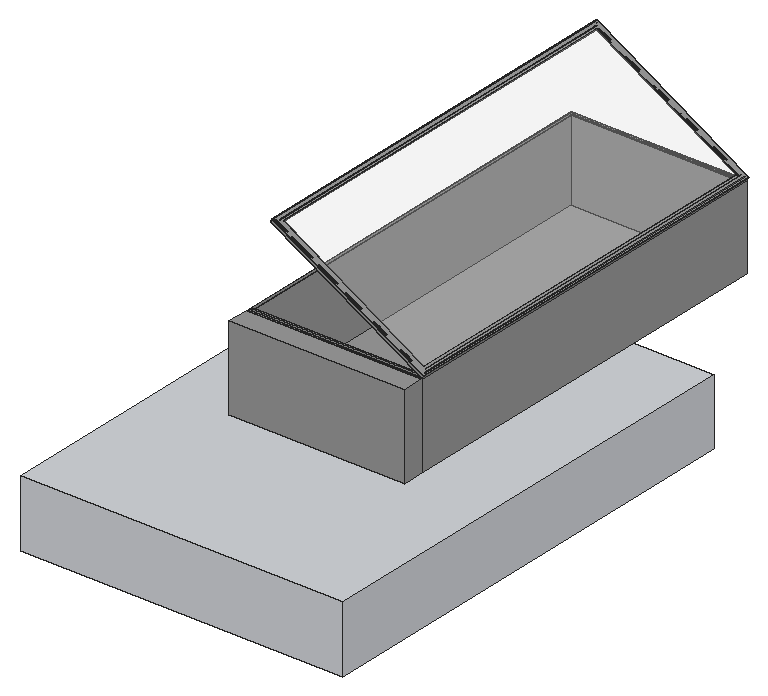
Revit family "Hager-Univers-IP55-D400-H1950-Cl.I-Steel_encl-DE-de", category Equipement électrique, Revit 2020
Family settings
  Hôte = Face
  Configuration du panneau = Deux colonnes, circuits au sein
  Cote de connecteur circulaire = Utiliser le diamètre
  Type d'élément = Tableau de raccordement
  Couper avec des vides une fois chargée = Non
  Partagée = Non
  Point de calcul de pièce = Non
Parameters (values of type "Bodenaufstellung IP55 B800 H1950 T400  - FR23V1")
  Width Control [instance] = if([EF000008 - Breite] > Min Width, [EF000008 - Breite], Min Width)  # 800 mm
  Commentaires du type = [HG000003 - Bereich]  # "Univers"
  Thickness Door [instance] = if([EF009171 - Materialstärke Tür/Deckel] > 3 mm, 3 mm, [EF009171 - Materialstärke Tür/Deckel])  # 1.5 mm
  Seal Frame Offset [instance] = 17 mm  # constant formula
  Plinth Visibility [instance] = [HG000027 - Sockelhöhe] > 0 mm  # yes
  Model = ""
  Min Width [instance] = 100 mm  # constant formula
  Min Height [instance] = 100 mm  # constant formula
  Min Depth [instance] = (2 * [EF009170 - Materialstärke Gehäuse]) + 1 mm  # 4 mm
  Internal Frame Depth [instance] = (Door System Depth * 0.5)  # 9 mm
  Height Control [instance] = if([EF000040 - Höhe] > Min Height, [EF000040 - Höhe], Min Height)  # 1950 mm
  HG000027 - Sockelhöhe = 100 mm
  HG000026 - Stehend auf dem Boden = yes
  HG000024 - Höhe des unteren Teils = 800 mm
  HG000023 - Gehäuse mit doppeltem Querschnitt = no
  HG000016 - 3D-Türsichtbarkeit [instance] = yes
  HG000015 - Sichtbarkeit der Türöffnung [instance] = no
  HG000014 - Tür rechts [instance] = yes
  HG000013 - Tür links [instance] = not([HG000014 - Tür rechts])  # no
  HG000012 - Türschwenkwinkel [instance] = 30.00°
  HG000010 - Asymmetrische Türen = no
  HG000009 - Doppelflügeligen Tür = no
  HG000006 - Unterputz = no
  HG000004 - Herstellerreferenz = "FR23V1"
  HG000003 - Bereich = "Univers"
  HG000002 - Mit tür = yes
  Frame Offset Bottom [instance] = 10 mm  # constant formula
  Frame Offset [instance] = 15 mm  # constant formula
  EF015940 - Deckel mit Überdruckentlastung = no
  EF011959 - Schutzart (NEMA) = ""
  EF009554 - Anzahl der Öffnungen für Flanschplatten = 6
  Fabricant = "Hager"  # constant formula
  EF009212 - Ausführung Deckel = "EV000116 - geschlossen"
  EF009171 - Materialstärke Tür/Deckel = 1.5 mm
  EF009170 - Materialstärke Gehäuse = 1.5 mm
  EF008873 - Nennstrom (In) = 800 A
  EF007800 - Geeignet für Blitzschutz = no
  EF006306 - Mit Schloss = no
  EF006244 - Transparenter Deckel/Tür = yes
  EF005474 - Schutzart (IP) = "EV006420 - IP55"
  EF004464 - Art der Tür = "EV002646 - Einzel"
  EF004427 - Anzahl der Module = 432
  EF004293 - Schlagfestigkeit = "EV008784 - IK10"
  EF003532 - Geeignet für Außengebrauch = no
  EF002950 - Breite in Teilungseinheiten = 24
  EF001613 - Funktionserhalt = "EV000494 - ohne"
  EF001596 - Werkstoff des Gehäuses = "EV000179 - Stahl"
  EF001131 - Innentiefe = 400 mm
  EF001088 - Anbaumöglichkeit = yes
  EF000437 - Anzahl der Leitungseinführungen = 6
  EF000339 - Art der Abdeckung = "EV004216 - Tür"
  EF000266 - Anzahl der Reihen = 12
  EF000218 - Einbautiefe = 0 mm
  EF000118 - Mit Montageplatte = no
  EF000116 - RAL-Nummer = "7035"
  EF000049 - Tiefe = 400 mm
  EF000040 - Höhe = 1950 mm
  EF000008 - Breite = 800 mm
  EF000007 - Farbe = "EV000270 - grau"
  EF000003 - Montageart = "EV012274 - Bodenaufstellung"
  Door System Leaf Tolerance [instance] = 1.5 mm  # constant formula
  Door System Depth [instance] = 18 mm  # constant formula
  Door Height [instance] = Height Control - [HG000027 - Sockelhöhe]  # 1850 mm
  Depth Control [instance] = if([EF000049 - Tiefe] > Min Depth, [EF000049 - Tiefe], Min Depth)  # 400 mm
  Default Elevation = 0 mm
  Connector Offset [instance] = Height Control / 2  # 975 mm
  Bottom Top Plate Trim [instance] = 1.5 mm  # constant formula
  Plinth height Ctrl [instance] = if([HG000027 - Sockelhöhe] > 0 mm, [HG000027 - Sockelhöhe], 12 mm)  # 100 mm
Types (11, lengths in mm): name | Width Control | HG000010 - Asymmetrische Türen | HG000009 - Doppelflügeligen Tür | HG000004 - Herstellerreferenz | EF009554 - Anzahl der Öffnungen für Flanschplatten | EF006244 - Transparenter Deckel/Tür | EF004464 - Art der Tür | EF004427 - Anzahl der Module | EF000437 - Anzahl der Leitungseinführungen | EF000008 - Breite
  Bodenaufstellung IP55 B1050 H1950 T400  - FR24G1 | 1050 | yes | yes | "FR24G1" | 8 | no | "EV003602 - Doppel" | 576 | 8 | 1050
  Bodenaufstellung IP55 B1050 H1950 T400  - FR24V1 | 1050 | yes | yes | "FR24V1" | 8 | yes | "EV003602 - Doppel" | 576 | 8 | 1050
  Bodenaufstellung IP55 B1300 H1950 T400  - FR25G1 | 1300 | yes | yes | "FR25G1" | 10 | no | "EV003602 - Doppel" | 720 | 10 | 1300
  Bodenaufstellung IP55 B1300 H1950 T400  - FR25V1 | 1300 | yes | yes | "FR25V1" | 10 | yes | "EV003602 - Doppel" | 720 | 10 | 1300
  Bodenaufstellung IP55 B1550 H1950 T400  - FR26G1 | 1550 | yes | yes | "FR26G1" | 12 | no | "EV003602 - Doppel" | 864 | 12 | 1550
  Bodenaufstellung IP55 B1550 H1950 T400  - FR26V1 | 1550 | yes | yes | "FR26V1" | 12 | yes | "EV003602 - Doppel" | 864 | 12 | 1550
  Bodenaufstellung IP55 B300 H1950 T400  - FR21G1 | 300 | no | no | "FR21G1" | 2 | no | "EV002646 - Einzel" | 144 | 2 | 300
  Bodenaufstellung IP55 B550 H1950 T400  - FR22G1 | 550 | no | no | "FR22G1" | 4 | no | "EV002646 - Einzel" | 288 | 4 | 550
  Bodenaufstellung IP55 B550 H1950 T400  - FR22V1 | 550 | no | no | "FR22V1" | 4 | yes | "EV002646 - Einzel" | 288 | 4 | 550
  Bodenaufstellung IP55 B800 H1950 T400  - FR23G1 | 800 | no | no | "FR23G1" | 6 | no | "EV002646 - Einzel" | 432 | 6 | 800
  Bodenaufstellung IP55 B800 H1950 T400  - FR23V1 | 800 | no | no | "FR23V1" | 6 | yes | "EV002646 - Einzel" | 432 | 6 | 800
Reference planes
  plane 1 "Center (Front/Back)": y = 0
  plane 2: z = 0
  plane 3 "Center (Left/Right)": x = 0
  plane 4: z = 400
  plane 5: y = 101.5
  plane 6: y = 1025
  plane 7: y = 100
  plane 8: y = 1950
  plane 9: z = 0
  plane 10: x = -385
  plane 11: x = 385
  plane 12: x = 383.5
  plane 13: x = -383.5
  plane 14: y = 1948.5
  plane 15: x = -383
  plane 16: x = -400
  plane 17: x = 383
  plane 18: x = 400
  plane 19: x = 398.5
  plane 20: x = -398.5
  plane 21: y = 111.5
  plane 22: y = 1950
  plane 23: y = 1933.5
  plane 24: z = 382
  plane 25: z = 1.5
  plane 26: z = 380.5
  plane 27: z = 398.5
Forms (mm)
  Extrusion 1, solid
    sketch origin (0, 0, 0) x (1, 0, 0) y (0, 1, 0)
      loop
        line (-702.964, 1305) -> (-702.964, -811.445) -> (766.763, -811.445) -> (766.763, 1305) -> (-702.964, 1305)
    from 0 to -304.8
  Extrusion 2, solid, material "Hager_Steel_RAL7035_Light_Grey", visible <- "Plinth Visibility", detail levels medium+fine
    sketch origin (0, 0, 0) x (1, 0, 0) y (0, 1, 0)
      loop
        line (-400, 0) -> (400, 0) -> (400, 100) -> (-400, 100) -> (-400, 0)
    from 0 to 382
  Extrusion 3, solid, material "Hager_Steel_RAL7035_Light_Grey", detail levels medium+fine
    sketch origin (0, 0, 0) x (1, 0, 0) y (0, 1, 0)
      loop
        line (-400, 100) -> (400, 100) -> (400, 1950) -> (-400, 1950) -> (-400, 100)
    from 0 to 382
  Extrusion 4, void
    sketch origin (0, 0, 0) x (1, 0, 0) y (0, 1, 0)
      loop
        line (-398.5, 101.5) -> (398.5, 101.5) -> (398.5, 1948.5) -> (-398.5, 1948.5) -> (-398.5, 101.5)
    from 1.5 to 380.5
  Extrusion 5, void
    sketch origin (-381.607, -4572, 382) x (0, -1, 0) y (-1, 0, 0)
      loop
        line (-4683.5, 1.893) -> (-6505.5, 1.893) -> (-6505.5, -765.107) -> (-4683.5, -765.107) -> (-4683.5, 1.893)
    from 0 to 1.5 <- "EF009170 - Materialstärke Gehäuse"
  Extrusion 6, solid, material "Hager_Steel_RAL7035_Light_Grey", detail levels fine
    sketch origin (0, 0, 382) x (1, 0, 0) y (0, 1, 0)
      loop
        line (-383.5, 1933.5) -> (-383.5, 111.5) -> (383.5, 111.5) -> (383.5, 1933.5) -> (-383.5, 1933.5)
      loop
        line (-385, 110) -> (385, 110) -> (385, 1935) -> (-385, 1935) -> (-385, 110)
    from 0 to 9 <- "Internal Frame Depth"
  Extrusion 7, solid, material "Hager_Steel_RAL7035_Light_Grey", detail levels coarse
    sketch origin (0, 0, 0) x (1, 0, 0) y (0, 1, 0)
      loop
        line (-400, 0) -> (400, 0) -> (400, 1950) -> (-400, 1950) -> (-400, 0)
    from 0 to 400
  Sweep 8, void
    path in 3D
      loop
        line (-400, 100, 0) -> (400, 100, 0) -> (400, 100, 382) -> (-400, 100, 382) -> (-400, 100, 0)
    profile origin (-400, 100, 191) x (-1, 0, 0) y (0, -1, 0)
      loop
        line (0, 0) -> (0, 1.5) -> (-1.5, 1.5)
        arc (-1.5, 1.5) -> (-1.061, 0.439) -> (0, 0) r 1.5
Cuts and joins
  Extrusion 4, Extrusion 5 cuts Extrusion 3
  Sweep 8 cuts Extrusion 2
Lines and regions (mm)
  Masking region 1
    outline origin (0, 0, 0) x (1, 0, 0) y (0, 0, 1)
      loop
        line (-400, 400) -> (-400, 0) -> (400, 0) -> (400, 400) -> (-400, 400)
  Masking region 2, detail levels medium+fine
    outline origin (0, 140, 0) x (0, 1, 0) y (0, 0, 1)
      loop
        line (-40, 0) -> (1810, 0) -> (1810, 382) -> (-40, 382) -> (-40, 0)
  Masking region 3, not visible, detail levels medium+fine
    outline origin (0, 297.922, 0) x (0, 1, 0) y (0, 0, 1)
      loop
        line (738.578, 0) -> (778.578, 0) -> (778.578, 388.5)
        arc (778.578, 388.5) -> (775.649, 395.571) -> (768.578, 398.5) r 10
        line (768.578, 398.5) -> (738.578, 398.5) -> (738.578, 0)
  Masking region 4, detail levels coarse
    outline origin (0, 0, 180) x (0, 1, 0) y (0, 0, 1)
      loop
        line (0, -180) -> (1950, -180) -> (1950, 220) -> (0, 220) -> (0, -180)
  Masking region 5, visible <- "Plinth Visibility", detail levels medium+fine
    outline origin (0, 52.24, 12.345) x (0, 0, -1) y (0, 1, 0)
      loop
        line (10.845, 47.76) -> (-368.155, 47.76)
        arc (-368.155, 47.76) -> (-368.594, 46.699) -> (-369.655, 46.26) r 1.5
        line (-369.655, 46.26) -> (-369.655, -52.24) -> (12.345, -52.24) -> (12.345, 46.26)
        arc (12.345, 46.26) -> (11.285, 46.699) -> (10.845, 47.76) r 1.5
  Masking region 6, detail levels medium+fine
    outline origin (-381.607, -4572, 382) x (-1, 0, 0) y (0, -1, 0)
      loop
        line (18.393, -6522) -> (18.393, -4672) -> (-781.607, -4672) -> (-781.607, -6522) -> (18.393, -6522)
  Masking region 7, visible <- "Plinth Visibility", detail levels medium+fine
    outline origin (-381.607, -4727, 382) x (-1, 0, 0) y (0, -1, 0)
      loop
        arc (16.893, -4827) -> (17.332, -4825.939) -> (18.393, -4825.5) r 1.5
        line (18.393, -4825.5) -> (18.393, -4727) -> (-781.607, -4727) -> (-781.607, -4825.5)
        arc (-781.607, -4825.5) -> (-780.546, -4825.939) -> (-780.107, -4827) r 1.5
        line (-780.107, -4827) -> (16.893, -4827)
  Masking region 8, detail levels coarse
    outline origin (-442.548, -4669.526, 382) x (-1, 0, 0) y (0, -1, 0)
      loop
        line (-42.548, -6619.526) -> (-42.548, -4669.526) -> (-842.548, -4669.526) -> (-842.548, -6619.526) -> (-42.548, -6619.526)
  sketch lines
    curve 1: line (-400, 100, 382) -> (-400, 100, 0)
    curve 2: line (400, 100, 382) -> (-400, 100, 382)
    curve 3: line (400, 100, 382) -> (400, 100, 0)
    curve 4: line (-400, 100, 0) -> (400, 100, 0)
Dimensions and locks
  "Depth Control": plane 4 to Extrusion 1
  "HG000027 - Sockelhöhe": plane 1 "Center (Front/Back)" to plane 7
  "EF009170 - Materialstärke Gehäuse": plane 5 to plane 7
  locked: connector elem to plane 3 "Center (Left/Right)"
  equal spacing: plane 8, plane 6, plane 7
  locked: connector elem to plane 6
  "EF009170 - Materialstärke Gehäuse": plane 8 to plane 14
  "EF009170 - Materialstärke Gehäuse": plane 10 to plane 13
  "EF009170 - Materialstärke Gehäuse": plane 12 to plane 11
  "Frame Offset": plane 20 to plane 13
  "Frame Offset": plane 12 to plane 19
  "EF009170 - Materialstärke Gehäuse": plane 16 to plane 20
  "EF009170 - Materialstärke Gehäuse": plane 19 to plane 18
  "Seal Frame Offset": plane 16 to plane 15
  "Seal Frame Offset": plane 17 to plane 18
  "Frame Offset Bottom": plane 21 to plane 5
  "Frame Offset": plane 14 to plane 23
  equal spacing: plane 16, plane 3 "Center (Left/Right)", plane 18
  "Width Control": plane 16 to plane 18
  "EF009170 - Materialstärke Gehäuse": plane 4 to plane 27
  "EF009170 - Materialstärke Gehäuse": plane 24 to plane 26
  "EF009170 - Materialstärke Gehäuse": plane 25 to level
  "Door System Depth": plane 4 to plane 24
  "Height Control": plane 1 "Center (Front/Back)" to Extrusion 7 sketch curve
  "Height Control": Masking region 4 sketch curve to plane 1 "Center (Front/Back)"
  "Height Control": plane 1 "Center (Front/Back)" to plane 22
  "Bottom Top Plate Trim": profile plane to Sweep 8 sketch curve
  "Bottom Top Plate Trim": Sweep 8 sketch curve to profile plane
  "Plinth height Ctrl": plane 1 "Center (Front/Back)" to Extrusion 2 sketch curve
  "Plinth height Ctrl": Masking region 5 sketch curve to plane 1 "Center (Front/Back)"
  "Plinth height Ctrl": plane 1 "Center (Front/Back)" to Masking region 7 sketch curve
  "Thickness Door": Extrusion 6 sketch curve to Extrusion 6 sketch curve  (x3)
  "Thickness Door": cut or joined group of Extrusion 3, Extrusion 4, Extrusion 5 to Extrusion 6 sketch curve
  radius of Masking region 3 sketch curve = 10 mm
  "Bottom Top Plate Trim": radius of Masking region 5 sketch curve  (x2)
  "Bottom Top Plate Trim": radius of Sweep 8 sketch curve
  "Bottom Top Plate Trim": radius of Masking region 7 sketch curve  (x2)
  aligned and locked: plane 2 to Extrusion 1
  aligned and locked: level to Extrusion 1
  aligned and locked: level to Masking region 1 sketch curve
  aligned and locked: Masking region 1 sketch curve to plane 18
  aligned and locked: Masking region 1 sketch curve to plane 16
  aligned and locked: plane 7 to Masking region 2 sketch curve
  aligned and locked: level to Masking region 3 sketch curve
  aligned and locked: Masking region 3 sketch curve to plane 27
  aligned and locked: level to Masking region 2 sketch curve
  aligned and locked: plane 1 "Center (Front/Back)" to Extrusion 2 sketch curve
  aligned and locked: Extrusion 3 sketch curve to plane 7
  aligned and locked: plane 16 to Extrusion 3 sketch curve
  aligned and locked: plane 18 to Extrusion 3 sketch curve
  aligned and locked: plane 20 to Extrusion 4 sketch curve
  aligned and locked: plane 19 to Extrusion 4 sketch curve
  aligned and locked: Extrusion 4 sketch curve to plane 5
  aligned and locked: Extrusion 4 to plane 25
  aligned and locked: plane 26 to Extrusion 4
  aligned and locked: plane 24 to Extrusion 3
  aligned and locked: Extrusion 5 sketch curve to plane 21
  aligned and locked: Extrusion 5 sketch curve to plane 13
  aligned and locked: Extrusion 5 sketch curve to plane 12
  aligned and locked: plane 18 to Extrusion 7 sketch curve
  aligned and locked: plane 1 "Center (Front/Back)" to Extrusion 7 sketch curve
  aligned and locked: plane 16 to Extrusion 7 sketch curve
  aligned and locked: plane 4 to Extrusion 7
  aligned and locked: Extrusion 7 to level
  aligned and locked: level to Masking region 4 sketch curve
  aligned and locked: Masking region 4 sketch curve to plane 1 "Center (Front/Back)"
  aligned and locked: Masking region 4 sketch curve to plane 4
  aligned and locked: nested 1 to level
  aligned and locked: nested 1 to plane 16
  aligned and locked: plane 8 to Extrusion 3 sketch curve
  aligned and locked: plane 23 to Extrusion 5 sketch curve
  aligned and locked: plane 14 to Extrusion 4 sketch curve
  aligned and locked: Masking region 2 sketch curve to plane 8
  aligned and locked: level to Masking region 5 sketch curve
  aligned and locked: plane 16 to Extrusion 2 sketch curve
  aligned and locked: plane 18 to Extrusion 2 sketch curve
  aligned and locked: Masking region 5 sketch curve to plane 24
  aligned and locked: Masking region 2 sketch curve to plane 24
  aligned and locked: plane 24 to Extrusion 2
  aligned and locked: profile plane to Sweep 8 sketch curve  (x2)
  aligned and locked: Masking region 6 sketch curve to plane 18
  aligned and locked: Masking region 6 sketch curve to plane 22
  aligned and locked: Masking region 6 sketch curve to plane 16
  aligned and locked: plane 8 to plane 22
  aligned and locked: Masking region 6 sketch curve to plane 7
  aligned and locked: Masking region 7 sketch curve to plane 16
  aligned and locked: Masking region 7 sketch curve to plane 1 "Center (Front/Back)"
  aligned and locked: Masking region 7 sketch curve to plane 18
  aligned and locked: Masking region 8 sketch curve to plane 1 "Center (Front/Back)"
  aligned and locked: Masking region 8 sketch curve to plane 18
  aligned and locked: Masking region 8 sketch curve to plane 22
  aligned and locked: Masking region 8 sketch curve to plane 16
  aligned and locked: nested 2 to plane 7
  aligned and locked: plane 3 "Center (Left/Right)" to nested 2
  aligned and locked: nested 2 to plane 24
  aligned and locked: Extrusion 6 sketch curve to cut or joined group of Extrusion 3, Extrusion 4, Extrusion 5  (x4)
Automatic sketch dimensions
  Extrusion 1 sketch curve to Extrusion 1 sketch curve = 1469.727 mm
  Extrusion 1 sketch curve to Extrusion 1 sketch curve = 2116.445 mm
  Masking region 1 sketch curve to plane 4 = 0 mm
  plane 6 to Masking region 3 sketch curve = 11.5 mm
  Masking region 3 sketch curve to Masking region 3 sketch curve = 30 mm
  Masking region 5 sketch curve to plane 1 "Center (Front/Back)" = 0 mm
Nested families
  nested 1: "Hager_Enclosure_Symbol" at (-400, 0, 0) x (1, 0, 0) z (0, -1, 0), Height <- "Depth Control", Width <- "Width Control", type "Hager_Enclosure_Symbol"
    with Width_Ctrl 800 mm, Width 800 mm, Height_Ctrl 400 mm, Height 400 mm, A_Width_Int 26.25 mm, A_Width 315 mm, A_Height_Ctrl 350 mm, A_Height 350 mm
  nested 2: "EC000058_Univers_Door" at (0, 100, 382) x (1, 0, 0) z (0, 1, 0), Leaf_Tolerance <- "Door System Leaf Tolerance", Angle <- "HG000012 - Türschwenkwinkel", Door_Depth <- "Door System Depth", Door_Left <- "HG000013 - Tür links", Transparent <- "EF006244 - Transparenter Deckel/Tür", Assymetrical <- "HG000010 - Asymmetrische Türen", Width <- "Width Control", Clearance <- "HG000015 - Sichtbarkeit der Türöffnung", Double <- "HG000009 - Doppelflügeligen Tür", 3d_Door <- "HG000016 - 3D-Türsichtbarkeit", Lock_Visibility <- "EF006306 - Mit Schloss", Width_Ctrl <- "Width Control", Door_Right <- "HG000014 - Tür rechts", Door <- "HG000002 - Mit tür", Height <- "Door Height", Thickness <- "Thickness Door", type "EC000058_Univers_Door", detail levels medium+fine
    with min_wh 4 mm, Width_Ctrl 800 mm, Width 800 mm, Transparent yes, Thickness 1.5 mm, Seal_Material Hager_Rubber, Lock_Visibility no, Lock_Material Hager_Plastic_RAL9005_Jet_Black, Leaf_Width 800 mm, Leaf_Tolerance_External_Sides 0 mm, Leaf_Tolerance 1.5 mm, Leaf_Offset 0 mm, Leaf_Height 1847 mm, Leaf_2_Width 800 mm, Leaf_2_Offset 400 mm, Leaf_1_Width 800 mm, Leaf_1_Offset 400 mm, Height_Ctrl 1850 mm, Height 1850 mm, Glass_Material Hager_Glass, Double_Clearance_Ctrl no, Double no, Door_Right_Ctrl yes, Door_Right yes, Door_Material Hager_Steel_RAL7035_Light_Grey, Door_Left_Ctrl no, Door_Left no, Door_Depth 18 mm, Door yes, Clearance_Material Hager_Clearance, Clearance_Depth 800 mm, Clearance_Ctrl no, Clearance no, Assymetrical no, Angle 30.00°, 3d_Door yes
Connectors
  electrical at (0, 1025, 0)
    settings: on plane 9, index 1, voltage 0 V, apparent load 0 VA, apparent load phase1 0 VA, apparent load phase2 0 VA, apparent load phase3 0 VA, power factor 1, load classification "Other", number of poles 1, system type 30, power factor state 1, is connector primary yes, connector utility no, sub classification motor no, connector description ""
Definition of nested family "EC000058_Univers_Door"
  Parameters (values of type "EC000058_Univers_Door")
    min_wh [instance] = (2 * Thickness) + 1 mm  # 11 mm
    Width_Ctrl [instance] = 400 mm
    Width [instance] = 500 mm
    Transparent [instance] = yes
    Thickness [instance] = 5 mm
    Seal_Material [instance] = none
    Lock_Visibility [instance] = yes
    Lock_Material [instance] = none
    Leaf_Width [instance] = if((Width_Ctrl - 2 * Leaf_Tolerance_External_Sides) > 0 mm, (Width_Ctrl - 2 * Leaf_Tolerance_External_Sides), min_wh)  # 400 mm
    Leaf_Tolerance_External_Sides [instance] = 0 mm  # constant formula
    Leaf_Tolerance [instance] = 1.5 mm
    Leaf_Offset [instance] = 0 mm  # constant formula
    Leaf_Height [instance] = if((Height_Ctrl - 2 * Leaf_Tolerance) > 0 mm, (Height_Ctrl - 2 * Leaf_Tolerance), min_wh)  # 497 mm
    Leaf_2_Width [instance] = if(and(and(Double, Assymetrical), Door_Left), (Leaf_Width / 3) - (Leaf_Tolerance / 2), if(and(and(Double, Assymetrical), Door_Right), (Leaf_Width / 3) * 2 - (Leaf_Tolerance / 2), if(and(Double, not(Assymetrical)), (Leaf_Width / 2) - Leaf_Tolerance, Leaf_Width)))  # 400 mm
    Leaf_2_Offset [instance] = if(and(Double, Assymetrical), Leaf_2_Width / 2, if(and(Double, not(Assymetrical)), Leaf_Width / 4, Leaf_Width / 2))  # 200 mm
    Leaf_1_Width [instance] = if(and(and(Double, Assymetrical), Door_Right), (Leaf_Width / 3) - (Leaf_Tolerance / 2), if(and(and(Double, Assymetrical), Door_Left), (Width / 3) * 2 - (Leaf_Tolerance / 2), if(and(Double, not(Assymetrical)), (Leaf_Width / 2) - Leaf_Tolerance, Leaf_Width)))  # 400 mm
    Leaf_1_Offset [instance] = if(and(Double, Assymetrical), Leaf_1_Width / 2, if(and(Double, not(Assymetrical)), Leaf_Width / 4, Leaf_Width / 2))  # 200 mm
    Height_Ctrl [instance] = if(Height > min_wh, Height, min_wh)  # 500 mm
    Height [instance] = 500 mm
    Glass_Material [instance] = none
    Double_Clearance_Ctrl [instance] = and(Double, Clearance)  # no
    Double [instance] = no
    Door_Right_Ctrl [instance] = and(or(Door_Right, Double), Door)  # yes
    Door_Right [instance] = yes
    Door_Material [instance] = none
    Door_Left_Ctrl [instance] = and(or(Door_Left, Double), Door)  # no
    Door_Left [instance] = no
    Door_Depth [instance] = 30 mm
    Door [instance] = yes
    Default Elevation = 1219.2 mm
    Clearance_Material [instance] = none
    Clearance_Depth [instance] = if(Leaf_1_Width > Leaf_2_Width, Leaf_1_Width, Leaf_2_Width)  # 400 mm
    Clearance_Ctrl [instance] = and(not(Double), Clearance)  # yes
    Clearance [instance] = yes
    Assymetrical [instance] = yes
    Angle [instance] = 30.00°
    3d_Door [instance] = yes
  Reference planes
    plane 1 "Center (Front/Back)": y = 0
    plane 2 "Bottom": z = 0
    plane 3 "Center (Left/Right)": x = 0
    plane 4: z = 500
    plane 5: x = -200
    plane 6: x = 200
    plane 7: z = 500
    plane 8: x = -200
    plane 9: z = 0
    plane 10: x = 200
    plane 11: y = 0
    plane 12: z = 1.5
    plane 13: x = -600
    plane 14: y = -400
    plane 15: x = 600
    plane 16: x = 0
    plane 17: x = 0
    plane 18: x = -200
    plane 19: x = 200
    plane 20: z = 498.5
  Forms (mm)
    Extrusion 1, solid, material <- "Clearance_Material", visible <- "Double_Clearance_Ctrl"
      sketch origin (1200, 0, 0) x (1, 0, 0) y (0, 0, -1)
        loop
          line (-1800, -498.5) -> (-600, -498.5) -> (-600, 0) -> (-1800, 0) -> (-1800, -498.5)
      from 0 to -400
  Dimensions and locks
    equal spacing: plane 5, plane 3 "Center (Left/Right)", plane 6
    "Width_Ctrl": plane 5 to plane 6
    "Leaf_Offset": plane 5 to plane 8
    "Leaf_Offset": plane 6 to plane 10
    "Leaf_Offset": plane 9 to level
    "Leaf_Offset": plane 4 to plane 7
    "Height_Ctrl": plane 4 to level
    "Leaf_Tolerance": plane 12 to plane 9
    locked: plane 11 to plane 1 "Center (Front/Back)"
    "Leaf_1_Offset": plane 18 to plane 16
    "Leaf_2_Offset": plane 17 to plane 19
    "Leaf_1_Width": plane 13 to plane 8
    "Leaf_2_Width": plane 10 to plane 15
    "Clearance_Depth": plane 14 to plane 1 "Center (Front/Back)"
    "Leaf_Tolerance_External_Sides": plane 8 to plane 18
    "Leaf_Tolerance_External_Sides": plane 19 to plane 10
    "Leaf_Tolerance": plane 7 to plane 20
    aligned and locked: level to plane 2 "Bottom"
    aligned and locked: nested 1 to plane 16
    aligned and locked: nested 2 to plane 17
    aligned and locked: Extrusion 1 to plane 13
    aligned and locked: plane 15 to Extrusion 1
    aligned and locked: Extrusion 1 to plane 14
    aligned and locked: plane 12 to nested 1
    aligned and locked: nested 2 to plane 12
    aligned and locked: Extrusion 1 to plane 11
    aligned and locked: plane 20 to Extrusion 1
    aligned and locked: nested 2 to plane 11
    aligned and locked: nested 1 to plane 11
  Automatic sketch dimensions
    Extrusion 1 sketch curve to level = 0 mm
    plane 5 to Extrusion 1 sketch curve = 400 mm
    plane 6 to Extrusion 1 sketch curve = 400 mm
    Extrusion 1 sketch curve to plane 4 = 1.5 mm
  Nested families
    nested 1: "EC000058_Univers_Door_Leaf" at (0, 0, 1.5), Width <- "Leaf_1_Width", visible <- "Door_Left_Ctrl", Leaf_Height <- "Leaf_Height", Angle <- "Angle", 3d_Door <- "3d_Door", Transparent <- "Transparent", Clearance Material <- "Clearance_Material", Clearance <- "Clearance_Ctrl", Door_Material <- "Door_Material", Glass_Material <- "Glass_Material", Door_Depth <- "Door_Depth", Lock_Material <- "Lock_Material", Seal_Material <- "Seal_Material", Lock_Visibility <- "Lock_Visibility", Thickness <- "Thickness", type "EC000058_Univers_Door_Leaf"
      with Width 400 mm, Transparent_Glass_Offset 30 mm, Transparent_Ctrl yes, Transparent yes, Thickness 5 mm, Standard no, Seal_Material none, Seal_D2 8 mm, Seal_D1 1 mm, Offset_Internal_Frame 10 mm, Lock_Width 20 mm, Lock_Visibility_3d yes, Lock_Visibility yes, Lock_Thickness_3 3 mm, Lock_Thickness_2 1 mm, Lock_Thickness_1 3 mm, Lock_Radius_Offset_2 16 mm, Lock_Radius_Offset_1 15 mm, Lock_Radius_2 5 mm, Lock_Radius 6 mm, Lock_Offset 5 mm, Lock_Material none, Lock_Height 80 mm, Lock_Cover_Top_Offset_2d 17 mm, Lock_Cover_Height -65 mm, Leaf_Height 497 mm, Internal_Seal_Thickness 8 mm, Internal_Seal_Depth_2 4.5 mm, Internal_Frame_Depth 25 mm, Glass_Thickness -1 mm, Glass_Offset -2 mm, Glass_Material none, Door_Material none, Door_Depth 30 mm, Clearance Material none, Clearance yes, Angle_Ctrl 30.00°, Angle 30.00°, 3d_Door yes
    nested 2: "EC000058_Univers_Door_Leaf" at (0, 0, 1.5) x (-1, 0, 0) z (0, 0, 1), Width <- "Leaf_2_Width", visible <- "Door_Right_Ctrl", Leaf_Height <- "Leaf_Height", Angle <- "Angle", 3d_Door <- "3d_Door", Transparent <- "Transparent", Clearance Material <- "Clearance_Material", Clearance <- "Clearance_Ctrl", Door_Material <- "Door_Material", Glass_Material <- "Glass_Material", Door_Depth <- "Door_Depth", Lock_Material <- "Lock_Material", Seal_Material <- "Seal_Material", Lock_Visibility <- "Lock_Visibility", Thickness <- "Thickness", type "EC000058_Univers_Door_Leaf"
      with Width 400 mm, Transparent_Glass_Offset 30 mm, Transparent_Ctrl yes, Transparent yes, Thickness 5 mm, Standard no, Seal_Material none, Seal_D2 8 mm, Seal_D1 1 mm, Offset_Internal_Frame 10 mm, Lock_Width 20 mm, Lock_Visibility_3d yes, Lock_Visibility yes, Lock_Thickness_3 3 mm, Lock_Thickness_2 1 mm, Lock_Thickness_1 3 mm, Lock_Radius_Offset_2 16 mm, Lock_Radius_Offset_1 15 mm, Lock_Radius_2 5 mm, Lock_Radius 6 mm, Lock_Offset 5 mm, Lock_Material none, Lock_Height 80 mm, Lock_Cover_Top_Offset_2d 17 mm, Lock_Cover_Height -65 mm, Leaf_Height 497 mm, Internal_Seal_Thickness 8 mm, Internal_Seal_Depth_2 4.5 mm, Internal_Frame_Depth 25 mm, Glass_Thickness -1 mm, Glass_Offset -2 mm, Glass_Material none, Door_Material none, Door_Depth 30 mm, Clearance Material none, Clearance yes, Angle_Ctrl 30.00°, Angle 30.00°, 3d_Door yes
  Definition of nested family "EC000058_Univers_Door_Leaf"
    Parameters (values of type "EC000058_Univers_Door_Leaf")
      Width [instance] = 2000 mm
      Transparent_Glass_Offset [instance] = 30 mm
      Transparent_Ctrl [instance] = and(Transparent, [3d_Door])  # yes
      Transparent [instance] = yes
      Thickness [instance] = 5 mm
      Standard [instance] = and(not(Transparent), [3d_Door])  # no
      Seal_Material [instance] = none
      Seal_D2 [instance] = 8 mm  # constant formula
      Seal_D1 [instance] = 1 mm  # constant formula
      Offset_Internal_Frame [instance] = 10 mm  # constant formula
      Lock_Width [instance] = 20 mm  # constant formula
      Lock_Visibility_3d [instance] = and(Lock_Visibility, [3d_Door])  # yes
      Lock_Visibility [instance] = yes
      Lock_Thickness_3 [instance] = 3 mm  # constant formula
      Lock_Thickness_2 [instance] = 1 mm  # constant formula
      Lock_Thickness_1 [instance] = 3 mm  # constant formula
      Lock_Radius_Offset_2 [instance] = Lock_Radius_Offset_1 + 1 mm  # 16 mm
      Lock_Radius_Offset_1 [instance] = 15 mm  # constant formula
      Lock_Radius_2 [instance] = Lock_Radius - 1 mm  # 5 mm
      Lock_Radius [instance] = 6 mm  # constant formula
      Lock_Offset [instance] = 5 mm  # constant formula
      Lock_Material [instance] = none
      Lock_Height [instance] = 80 mm  # constant formula
      Lock_Cover_Top_Offset_2d [instance] = Lock_Radius_Offset_2 + 1 mm  # 17 mm
      Lock_Cover_Height [instance] = -(Lock_Height - Lock_Radius_Offset_1)  # -65 mm
      Leaf_Height [instance] = 2720.336 mm
      Internal_Seal_Thickness [instance] = 8 mm  # constant formula
      Internal_Seal_Depth_2 [instance] = 4.5 mm  # constant formula
      Internal_Frame_Depth [instance] = if(Door_Depth - Thickness > 5 mm, Door_Depth - Thickness, 5 mm)  # 25 mm
      Glass_Thickness [instance] = if(Thickness > 15 mm, Glass_Offset + 10 mm, -1 mm)  # -1 mm
      Glass_Offset [instance] = if(Thickness > 15 mm, -(Thickness + 10 mm) / 2, -2 mm)  # -2 mm
      Glass_Material [instance] = none
      Door_Material [instance] = none
      Door_Depth [instance] = 30 mm
      Default Elevation = 0 mm
      Clearance Material [instance] = none
      Clearance [instance] = yes
      Angle_Ctrl [instance] = if(Angle > 180.00°, 180.00°, Angle)  # 90.00°
      Angle [instance] = 90.00°
      3d_Door [instance] = yes
    Reference planes
      plane 1 "Center (Front/Back)": y = 0
      plane 2: z = 0
      plane 3 "Center (Left/Right)": x = 0
      plane 4: y = 2000
      plane 5: x = -1000
      plane 6: x = 1000
      plane 7: x = -3000
      plane 8: z = 2720.336
      plane 9: z = 30
      plane 10: z = 2690.336
      plane 11: x = 970
      plane 12: x = -970
      plane 13: y = -3
      plane 14: z = 107.833
      plane 15: y = -5
      plane 16: y = -223.314
      plane 17: x = -1000
      plane 18: z = 1360.168
      plane 19: y = 30
    Forms (mm)
      Extrusion 1, solid, material <- "Clearance Material", visible <- "Clearance"
        sketch origin (0, 0, 0) x (1, 0, 0) y (0, 0, 1)
          loop
            line (-3000, 2720.336) -> (-3000, 0) -> (1000, 0) -> (1000, 2720.336) -> (-3000, 2720.336)
        from 0 to -2000
      Extrusion 2, solid, material <- "Door_Material", visible <- "Standard", detail levels medium+fine
        sketch origin (-1000, 0, 0) x (0, 1, 0) y (-1, 0, 0)
          loop
            line (0, 30) -> (0, 25) -> (2000, 25) -> (2000, 30) -> (0, 30)
        from 0 to 2720.336 <- "Leaf_Height"
      Extrusion 3, solid, material <- "Door_Material", visible <- "Transparent_Ctrl", detail levels medium+fine
        sketch origin (-1000, 0, 0) x (0, 1, 0) y (-1, 0, 0)
          loop
            line (0, 25) -> (2000, 25) -> (2000, 30) -> (0, 30) -> (0, 25)
        from 0 to 2720.336 <- "Leaf_Height"
      Extrusion 4, void
        sketch origin (-1025, 2000, 0) x (0, 1, 0) y (0, 0, -1)
          loop
            line (-30, -2690.336) -> (-30, -30) -> (-1970, -30) -> (-1970, -2690.336) -> (-30, -2690.336)
        from 0 to 5 <- "Thickness"
      Sweep 5, solid, material <- "Seal_Material", visible <- "Transparent_Ctrl", detail levels fine
        path in 3D
          loop
            line (-1025, 30, 30) -> (-1025, 30, 2690.336) -> (-1025, 1970, 2690.336) -> (-1025, 1970, 30) -> (-1025, 30, 30)
        profile origin (-1025, 1000, 30) x (1, 0, 0) y (0, 0, 1)
          loop
            line (0, 0) -> (0, -8) -> (1, -8) -> (1, 0) -> (0, 0)
      Extrusion 6, solid, material <- "Glass_Material", visible <- "Transparent_Ctrl", detail levels medium+fine
        sketch origin (-1030, 0, 0) x (0, 1, 0) y (0, 0, -1)
          loop
            line (1970, -2690.336) -> (1970, -30) -> (30, -30) -> (30, -2690.336) -> (1970, -2690.336)
        from -2 <- "Glass_Offset" to -1 <- "Glass_Thickness"
      Extrusion 7, solid, material <- "Door_Material", visible <- "3d_Door", detail levels medium+fine
        sketch origin (-1025, 2000, 0) x (0, -1, 0) y (0, 0, -1)
          loop
            line (0, -2720.336) -> (2000, -2720.336) -> (2000, 0) -> (0, 0) -> (0, -2720.336)
          loop
            line (1995, -5) -> (5, -5) -> (5, -2715.336) -> (1995, -2715.336) -> (1995, -5)
        from 0 to 25 <- "Internal_Frame_Depth"
      Sweep 8, solid, material <- "Seal_Material", visible <- "Transparent_Ctrl", detail levels fine
        path in 3D
          loop
            line (-1025, 0, 0) -> (-1025, 2000, 0) -> (-1025, 2000, 2720.336) -> (-1025, 0, 2720.336) -> (-1025, 0, 0)
        profile origin (-1025, 0, 1360.168) x (1, 0, 0) y (0, 1, 0)
          loop
            line (0, 10) -> (2.975, 10)
            arc (2.975, 10) -> (4.053, 10.447) -> (4.5, 11.525) r 1.525
            line (4.5, 11.525) -> (4.5, 16.527)
            arc (4.5, 16.527) -> (4.069, 17.569) -> (3.027, 18) r 1.473
            line (3.027, 18) -> (0, 18) -> (0, 10)
      Extrusion 9, solid, material <- "Lock_Material", visible <- "Lock_Visibility_3d", detail levels fine
        sketch origin (-1030, 0, 0) x (0, 1, 0) y (0, 0, -1)
          loop
            arc (1993.5, -1400.168) -> (1994.561, -1399.729) -> (1995, -1398.668) r 1.5
            line (1995, -1398.668) -> (1995, -1320.168) -> (1975, -1320.168) -> (1975, -1398.668)
            arc (1975, -1398.668) -> (1975.439, -1399.729) -> (1976.5, -1400.168) r 1.5
            line (1976.5, -1400.168) -> (1993.5, -1400.168)
        from 3 <- "Lock_Thickness_1" to 0
      Blend 10, solid, material <- "Lock_Material", visible <- "Lock_Visibility_3d", detail levels fine
        base sketch origin (-1033, 0, 0) x (0, 1, 0) y (0, 0, -1)
          loop
            line (1975, -1320.168) -> (1975, -1398.668)
            arc (1975, -1398.668) -> (1975.439, -1399.729) -> (1976.5, -1400.168) r 1.5
            line (1976.5, -1400.168) -> (1993.5, -1400.168)
            arc (1993.5, -1400.168) -> (1994.561, -1399.729) -> (1995, -1398.668) r 1.5
            line (1995, -1398.668) -> (1995, -1320.168) -> (1975, -1320.168)
        top sketch origin (-1033, 0, 0) x (0, 1, 0) y (0, 0, -1)
          loop
            line (1976, -1320.168) -> (1976, -1398.668)
            arc (1976, -1398.668) -> (1976.146, -1399.022) -> (1976.5, -1399.168) r 0.5
            line (1976.5, -1399.168) -> (1993.5, -1399.168)
            arc (1993.5, -1399.168) -> (1993.854, -1399.022) -> (1994, -1398.668) r 0.5
            line (1994, -1398.668) -> (1994, -1320.168) -> (1976, -1320.168)
        from 0 to 1 <- "Lock_Thickness_2"
      Blend 11, solid, material <- "Lock_Material", visible <- "Lock_Visibility_3d", detail levels fine
        base sketch origin (-1034, 0, 0) x (0, 1, 0) y (0, 0, -1)
          loop
            line (1978, -1320.168) -> (1978, -1384.168)
            arc (1978, -1384.168) -> (1985, -1391.168) -> (1992, -1384.168) r 7
            line (1992, -1384.168) -> (1992, -1320.168) -> (1978, -1320.168)
        top sketch origin (-1034, 0, 0) x (0, 1, 0) y (0, 0, -1)
          loop
            line (1991, -1320.168) -> (1979, -1320.168) -> (1979, -1383.168)
            arc (1979, -1383.168) -> (1985, -1389.168) -> (1991, -1383.168) r 6
            line (1991, -1383.168) -> (1991, -1320.168)
        from 0 to 3 <- "Lock_Thickness_3"
      Extrusion 12, solid, material <- "Lock_Material", visible <- "Lock_Visibility_3d", detail levels fine
        sketch origin (-1030, 1975, 1320.168) x (1, 0, 0) y (0, -1, 0)
          loop
            line (-7, -19) -> (-7, -1) -> (0, -1) -> (0, 0) -> (-8, 0) -> (-8, -20) -> (0, -20) -> (0, -19) -> (-7, -19)
        from 0 to -65 <- "Lock_Cover_Height"
      Extrusion 13, void
        sketch origin (-1038, 1995, 1320.168) x (-1, 0, 0) y (0, 0, -1)
          loop
            line (-5, -65) -> (0, -65) -> (-5, -60) -> (-5, -65)
        from 0 to 20 <- "Lock_Width"
      Extrusion 14, void
        sketch origin (-1038, 1975, 1320.168) x (0, -1, 0) y (0, 0, -1)
          loop
            circle (-10, -15.995) r 6
          loop
            circle (-10, -15.995) r 5
        from 0 to 2
      Extrusion 15, solid, material <- "Lock_Material", visible <- "Lock_Visibility_3d", detail levels medium
        sketch origin (-1030, 0, 0) x (0, 1, 0) y (0, 0, -1)
          loop
            arc (1993.5, -1400.168) -> (1994.561, -1399.729) -> (1995, -1398.668) r 1.5
            line (1995, -1398.668) -> (1995, -1320.168) -> (1975, -1320.168) -> (1975, -1398.668)
            arc (1975, -1398.668) -> (1975.439, -1399.729) -> (1976.5, -1400.168) r 1.5
            line (1976.5, -1400.168) -> (1993.5, -1400.168)
        from 8 to 0
    Cuts and joins
      Extrusion 4 cuts Extrusion 3
      Extrusion 13, Extrusion 14 cuts Extrusion 9
      Extrusion 14 cuts Blend 11
      Extrusion 13, Extrusion 14 cuts Extrusion 12
      joined: Extrusion 9, Blend 10, Blend 11, Extrusion 12
      Extrusion 14 cuts Extrusion 15
    Lines and regions (mm)
      Masking region 1, visible <- "Lock_Visibility", detail levels fine
        outline origin (0, 0, 0) x (0, 1, 0) y (0, 0, 1)
          loop
            line (30, 1320.168) -> (33, 1320.168) -> (33, 1400.168) -> (30, 1400.168) -> (30, 1320.168)
      Masking region 2, visible <- "Lock_Visibility", detail levels fine
        outline origin (0, 3.143, 0) x (0, 1, 0) y (0, 0, 1)
          loop
            line (29.857, 1354.168) -> (30.857, 1354.168) -> (30.857, 1366.168) -> (29.857, 1366.168) -> (29.857, 1354.168)
      Masking region 3, detail levels medium+fine
        outline origin (0, 0, 0) x (0, 1, 0) y (0, 0, 1)
          loop
            line (0, 0) -> (30, 0) -> (30, 2720.336) -> (0, 2720.336) -> (0, 0)
      Masking region 4, detail levels medium+fine
        outline origin (0, 0, 0) x (1, 0, 0) y (0, 0, 1)
          loop
            line (-1000, 2720.336) -> (-1000, 0) -> (1000, 0) -> (1000, 2720.336) -> (-1000, 2720.336)
      Masking region 5, visible <- "Lock_Visibility", detail levels fine
        outline origin (-47.116, 0, 0) x (1, 0, 0) y (0, 0, 1)
          loop
            arc (1024.616, 1399.168) -> (1023.556, 1398.729) -> (1023.116, 1397.668) r 1.5
            line (1023.116, 1397.668) -> (1023.116, 1320.168) -> (1041.116, 1320.168) -> (1041.116, 1397.668)
            arc (1041.116, 1397.668) -> (1040.677, 1398.729) -> (1039.616, 1399.168) r 1.5
            line (1039.616, 1399.168) -> (1024.616, 1399.168)
      Masking region 6, visible <- "Lock_Visibility", detail levels medium+fine
        outline origin (-25, 0, 0) x (1, 0, 0) y (0, 0, 1)
          loop
            arc (1001.5, 1400.168) -> (1000.439, 1399.729) -> (1000, 1398.668) r 1.5
            line (1000, 1398.668) -> (1000, 1320.168) -> (1020, 1320.168) -> (1020, 1398.668)
            arc (1020, 1398.668) -> (1019.561, 1399.729) -> (1018.5, 1400.168) r 1.5
            line (1018.5, 1400.168) -> (1001.5, 1400.168)
      Masking region 7, visible <- "Lock_Visibility", detail levels fine
        outline origin (-73.735, 0, 0) x (1, 0, 0) y (0, 0, 1)
          loop
            line (1051.735, 1382.168) -> (1065.735, 1382.168) -> (1065.735, 1384.168)
            arc (1065.735, 1384.168) -> (1058.735, 1391.168) -> (1051.735, 1384.168) r 7
            line (1051.735, 1384.168) -> (1051.735, 1382.168)
      Masking region 8, visible <- "Lock_Visibility", detail levels fine
        outline origin (-73.735, 0, 0) x (1, 0, 0) y (0, 0, 1)
          loop
            line (1052.735, 1382.168) -> (1064.735, 1382.168) -> (1064.735, 1383.168)
            arc (1064.735, 1383.168) -> (1058.735, 1389.168) -> (1052.735, 1383.168) r 6
            line (1052.735, 1383.168) -> (1052.735, 1382.168)
      Masking region 9, visible <- "Lock_Visibility", detail levels fine
        outline origin (-25, 0, 0) x (1, 0, 0) y (0, 0, 1)
          loop
            line (1020, 1320.168) -> (1020, 1382.168) -> (1000, 1382.168) -> (1000, 1320.168) -> (1020, 1320.168)
      Masking region 10, detail levels medium+fine
        outline origin (0, 0, 0) x (1, 0, 0) y (0, 0, 1)
          loop
            circle (985, 1335.144) r 6
      Masking region 11, detail levels fine
        outline origin (0, 0, 0) x (1, 0, 0) y (0, 0, 1)
          loop
            circle (985, 1335.144) r 5
      Masking region 12, visible <- "Lock_Visibility", detail levels fine
        outline origin (0, 12.767, 0) x (0, 1, 0) y (0, 0, 1)
          loop
            line (20.233, 1320.168) -> (21.233, 1320.168) -> (21.233, 1399.168) -> (20.233, 1400.168) -> (20.233, 1320.168)
      Masking region 13, visible <- "Lock_Visibility", detail levels fine
        outline origin (0, 13.767, -10) x (0, 1, 0) y (0, 0, 1)
          loop
            line (20.233, 1330.168) -> (23.233, 1330.168) -> (23.233, 1399.168) -> (20.233, 1402.168) -> (20.233, 1330.168)
      Masking region 14, visible <- "Lock_Visibility", detail levels fine
        outline origin (0, 12.767, -10) x (0, 1, 0) y (0, 0, 1)
          loop
            line (20.233, 1330.168) -> (25.233, 1330.168) -> (25.233, 1399.305) -> (20.233, 1394.305) -> (20.233, 1330.168)
      Masking region 15, visible <- "Lock_Visibility", detail levels medium
        outline origin (0, 0, 0) x (0, 1, 0) y (0, 0, 1)
          loop
            line (30, 1320.168) -> (38, 1320.168) -> (38, 1400.168) -> (30, 1400.168) -> (30, 1320.168)
      Masking region 16, visible <- "Lock_Visibility", detail levels fine
        outline origin (-1000, 0, 0) x (0, 1, 0) y (-1, 0, 0)
          loop
            line (1975, 30) -> (1995, 30) -> (1995, 38) -> (1975, 38) -> (1975, 30)
          loop
            line (1979, 37) -> (1976, 37) -> (1976, 34) -> (1978, 34) -> (1979, 37)
          loop
            line (1994, 37) -> (1991, 37) -> (1992, 34) -> (1994, 34) -> (1994, 37)
      Masking region 17, visible <- "Lock_Visibility", detail levels medium
        outline origin (-1000, 0, 0) x (0, 1, 0) y (-1, 0, 0)
          loop
            line (1975, 30) -> (1995, 30) -> (1995, 38) -> (1975, 38) -> (1975, 30)
      symbolic lines
        curve 1: line (1000, 0, 0) -> (-3000, 0, 0)
        curve 2: arc (1000, 0, 0) -> (-1000, 2000, 0) -> (-3000, 0, 0) r 2000
        curve 4: line (-1030, 0, 0) -> (-1030, 2000, 0)
      reference lines
        curve 3: line (-1000, 0, 0) -> (-1000, 2000, 0)
      symbolic lines, detail levels medium+fine
        curve 5: line (-1030, 2000, 0) -> (-1025, 2000, 0)
        curve 7: line (-1025, 0, 0) -> (-1030, 0, 0)
        curve 8: line (-1025, 0, 0) -> (-1000, 0, 0)
        curve 9: line (-1000, 0, 0) -> (-1000, 2000, 0)
        curve 10: line (-1000, 2000, 0) -> (-1025, 2000, 0)
      symbolic lines, detail levels fine
        curve 6: line (-1025, 2000, 0) -> (-1025, 0, 0)
      sketch lines
        curve 11: line (-1025, 0, 2720.336) -> (-1025, 0, 0)
        curve 12: line (-1025, 2000, 0) -> (-1025, 0, 0)
        curve 13: line (-1025, 2000, 2720.336) -> (-1025, 2000, 0)
        curve 14: line (-1025, 0, 2720.336) -> (-1025, 2000, 2720.336)
        curve 15: line (-1025, 1970, 30) -> (-1025, 30, 30)
        curve 16: line (-1025, 30, 30) -> (-1025, 30, 2690.336)
        curve 17: line (-1025, 1970, 2690.336) -> (-1025, 1970, 30)
        curve 18: line (-1025, 30, 2690.336) -> (-1025, 1970, 2690.336)
      symbolic lines, visible <- "Transparent", detail levels medium+fine
        curve 19: line (-970, 0, 2690.336) -> (970, 0, 2690.336)
        curve 20: line (-970, 0, 30) -> (-970, 0, 2690.336)
        curve 21: line (970, 0, 30) -> (-970, 0, 30)
        curve 22: line (970, 0, 2690.336) -> (970, 0, 30)
    Dimensions and locks
      "Width": plane 1 "Center (Front/Back)" to plane 4
      equal spacing: plane 5, plane 3 "Center (Left/Right)", plane 6
      "Width": plane 5 to plane 6
      "Width": plane 7 to plane 5
      "Leaf_Height": plane 8 to level
      "Width": curve 5 to curve 3
      "Width": curve 3 to curve 3
      plane 8 to plane 10 = 30 mm
      plane 9 to level = 30 mm
      plane 12 to plane 5 = 30 mm
      plane 6 to plane 11 = 30 mm
      Extrusion 1 to Extrusion 4 sketch curve = 30 mm
      "Transparent_Glass_Offset": curve 3 to Extrusion 4 sketch curve
      "Transparent_Glass_Offset": Extrusion 4 sketch curve to cut or joined group of Extrusion 3, Extrusion 4  (x2)
      cut or joined group of Extrusion 3, Extrusion 4 to Extrusion 6 sketch curve = 30 mm
      "Transparent_Glass_Offset": cut or joined group of Extrusion 3, Extrusion 4 to Extrusion 4 sketch curve
      "Thickness": curve 6 to curve 4
      "Thickness": Extrusion 7 sketch curve to Extrusion 7 sketch curve  (x4)
      "Door_Depth": curve 4 to curve 3
      "Offset_Internal_Frame": profile plane to Sweep 8 sketch curve
      "Internal_Seal_Thickness": Sweep 8 sketch curve to Sweep 8 sketch curve
      "Internal_Seal_Depth_2": profile plane to Sweep 8 sketch curve
      "Seal_D1": profile plane to Sweep 5 sketch curve
      "Seal_D2": profile plane to Sweep 5 sketch curve
      "Thickness": Extrusion 2 sketch curve to Extrusion 2 sketch curve
      equal spacing: Extrusion 9 sketch curve, plane 18, Extrusion 9 sketch curve  (x2)
      equal spacing: Masking region 1 sketch curve, plane 18, Masking region 1 sketch curve
      "Lock_Height": Masking region 1 sketch curve to Masking region 1 sketch curve
      "Lock_Radius": Masking region 2 sketch curve to plane 18 to Masking region 2 sketch curve
      Masking region 2 sketch curve to Masking region 1 = 1 mm
      "Door_Depth": plane 19 to plane 1 "Center (Front/Back)"
      "Lock_Thickness_1": Masking region 1 sketch curve to plane 19
      "Lock_Width": Extrusion 9 sketch curve to Extrusion 9 sketch curve
      "Lock_Height": Extrusion 9 sketch curve to Extrusion 9 sketch curve
      "Lock_Offset": cut or joined group of Extrusion 3, Extrusion 4 to Extrusion 9 sketch curve
      equal spacing: plane 8, plane 18, level
      "Lock_Radius_Offset_1": Blend 11 sketch curve to Blend 10
      locked: Blend 10 to Blend 11 sketch curve at 2  (x2)
      locked: var sketch to Blend 11 sketch curve at 1  (x2)
      "Lock_Radius_Offset_2": Blend 11 sketch curve to Blend 10
      locked: Extrusion 12 sketch curve to Extrusion 12 sketch curve at 1  (x3)
      Masking region 6 sketch curve to Masking region 6 sketch curve = 80 mm
      "Lock_Height": Masking region 6 sketch curve to Masking region 6 sketch curve
      "Lock_Width": Masking region 6 sketch curve to Masking region 6 sketch curve
      locked: Masking region 6 to Masking region 5 sketch curve at 1  (x3)
      locked: Masking region 5 to Masking region 7 sketch curve at 2  (x2)
      "Lock_Radius_Offset_1": Masking region 5 to Masking region 7 sketch curve
      "Lock_Radius_Offset_2": Masking region 5 to Masking region 8 sketch curve
      locked: Masking region 7 to Masking region 8 sketch curve at 1  (x2)
      "Lock_Cover_Top_Offset_2d": Masking region 5 to Masking region 9 sketch curve
      equal spacing: Masking region 9, Masking region 10 sketch curve, Masking region 9
      equal spacing: Masking region 9, Masking region 11 sketch curve, Masking region 9
      Extrusion 15 sketch curve to Extrusion 15 sketch curve = 80 mm
      "Lock_Width": Extrusion 15 sketch curve to Extrusion 15 sketch curve
      "Lock_Height": Extrusion 15 sketch curve to Extrusion 15 sketch curve
      equal spacing: Extrusion 15 sketch curve, plane 18, Extrusion 15 sketch curve
      "Lock_Thickness_3": Masking region 13 sketch curve to Masking region 13 sketch curve
      "Lock_Height": Masking region 12 sketch curve to Masking region 12 sketch curve
      locked: Masking region 13 sketch curve to Masking region 1 at 8
      locked: Masking region 14 sketch curve to Masking region 13 at 1
      locked: Masking region 14 sketch curve to Masking region 1 at 10.863
      "Lock_Height": Masking region 15 sketch curve to Masking region 15 sketch curve
      "Lock_Offset": Extrusion 15 sketch curve to cut or joined group of Extrusion 3, Extrusion 4
      "Lock_Offset": plane 6 to Masking region 6 sketch curve
      radius of Sweep 8 sketch curve = 1.525 mm
      radius of Sweep 8 sketch curve = 1.473 mm
      radius of Extrusion 9 sketch curve = 1.5 mm  (x2)
      "Lock_Radius": radius of Extrusion 14 sketch curve
      "Lock_Radius_2": radius of Extrusion 14 sketch curve
      "Lock_Radius": radius of Masking region 10 sketch curve
      "Lock_Radius_2": radius of Masking region 11 sketch curve
      radius of Extrusion 15 sketch curve = 1.5 mm  (x2)
      "Angle_Ctrl": angle plane 1 "Center (Front/Back)" to curve 3
      locked: Masking region 12 sketch curve to Masking region 12 sketch curve (angle 45.00°)
      locked: Masking region 13 sketch curve to Masking region 13 sketch curve (angle 45.00°)
      locked: Masking region 14 sketch curve to Masking region 14 sketch curve (angle 45.00°)
      aligned and locked: level to plane 2
      aligned and locked: Extrusion 1 to curve 1
      aligned and locked: plane 6 to Extrusion 1
      aligned and locked: Extrusion 1 to plane 1 "Center (Front/Back)"
      aligned and locked: plane 4 to Extrusion 1
      aligned and locked: plane 8 to Extrusion 1
      aligned and locked: curve 7 to Extrusion 2 sketch curve
      aligned and locked: curve 5 to Extrusion 2 sketch curve
      aligned and locked: curve 7 to Extrusion 3 sketch curve
      aligned and locked: Extrusion 3 sketch curve to curve 4
      aligned and locked: Extrusion 3 sketch curve to curve 6
      aligned and locked: Extrusion 3 sketch curve to curve 5
      aligned and locked: curve 9 to curve 3
      aligned and locked: Extrusion 7 sketch curve to cut or joined group of Extrusion 3, Extrusion 4  (x4)
      aligned and locked: plane 17 to curve 3
      aligned and locked: plane 1 "Center (Front/Back)" to curve 3
      aligned and locked: plane 17 to plane 5
      aligned and locked: Sweep 8 sketch curve to profile plane
      aligned and locked: Sweep 5 sketch curve to profile plane  (x2)
      aligned and locked: Masking region 1 to Masking region 2 sketch curve
      aligned and locked: plane 19 to Masking region 1 sketch curve
      aligned and locked: plane 1 "Center (Front/Back)" to Masking region 3 sketch curve
      aligned and locked: plane 19 to Masking region 3 sketch curve
      aligned and locked: level to Masking region 3 sketch curve
      aligned and locked: Masking region 3 sketch curve to plane 8
      aligned and locked: plane 17 to Masking region 4 sketch curve
      aligned and locked: level to Masking region 4 sketch curve
      aligned and locked: Masking region 4 sketch curve to plane 8
      aligned and locked: plane 12 to curve 20
      aligned and locked: plane 10 to curve 19
      aligned and locked: plane 11 to curve 22
      aligned and locked: curve 21 to plane 9
      aligned and locked: Extrusion 2 sketch curve to cut or joined group of Extrusion 3, Extrusion 4
      aligned and locked: Blend 10 sketch curve to Extrusion 9  (x4)
      aligned and locked: Extrusion 9 to Blend 10 sketch curve
      aligned and locked: Blend 10 to Blend 11 sketch curve
      aligned and locked: Extrusion 12 sketch curve to Blend 11
      aligned and locked: Extrusion 12 sketch curve to Extrusion 9  (x4)
      aligned and locked: Masking region 5 sketch curve to Masking region 6
      aligned and locked: Masking region 9 sketch curve to Masking region 6  (x3)
      aligned and locked: Masking region 12 sketch curve to Masking region 1
      aligned and locked: Masking region 13 sketch curve to Masking region 1
      aligned and locked: Masking region 12 to Masking region 14
      aligned and locked: Masking region 14 sketch curve to Masking region 1
      aligned and locked: Masking region 15 sketch curve to Masking region 14
      aligned and locked: Masking region 13 sketch curve to Masking region 12
      aligned and locked: Masking region 16 sketch curve to cut or joined group of Extrusion 14, Extrusion 15  (x4)
      aligned and locked: Masking region 16 sketch curve to cut or joined group of Extrusion 9, Blend 10, Blend 11, Extrusion 12, Extrusion 13, Extrusion 14  (x6)
      aligned and locked: cut or joined group of Extrusion 9, Blend 10, Blend 11, Extrusion 12, Extrusion 13, Extrusion 14 to Masking region 16 sketch curve
      aligned and locked: Masking region 17 sketch curve to cut or joined group of Extrusion 14, Extrusion 15  (x3)
      aligned and locked: Masking region 17 sketch curve to cut or joined group of Extrusion 9, Blend 10, Blend 11, Extrusion 12, Extrusion 13, Extrusion 14
      aligned and locked: Masking region 9 to Masking region 8 sketch curve
      aligned and locked: Masking region 9 to Masking region 7 sketch curve
    Automatic sketch dimensions
      plane 1 "Center (Front/Back)" to curve 2 = 0 mm
      curve 2 to plane 5 = 0 mm
      Extrusion 1 sketch curve to level = 0 mm
      Extrusion 1 sketch curve to plane 7 = 0 mm
      Extrusion 1 sketch curve to plane 6 = 0 mm
      Extrusion 1 sketch curve to plane 8 = 0 mm
      Extrusion 3 to Extrusion 6 sketch curve = 30 mm  (x4)
      Masking region 4 sketch curve to plane 6 = 0 mm
      Blend 10 sketch curve to Extrusion 9 = 1.5 mm
      Blend 10 sketch curve to Extrusion 9 = 1 mm
      Extrusion 13 sketch curve to Extrusion 12 = 0 mm  (x2)
      Extrusion 12 to Extrusion 13 sketch curve = 3 mm
      Extrusion 13 sketch curve to Extrusion 12 = 5 mm
      Extrusion 14 sketch curve to Extrusion 14 sketch curve = 0 mm  (x2)
      Extrusion 14 sketch curve to Extrusion 12 = 10 mm
      Extrusion 14 sketch curve to Extrusion 12 = 15.995 mm
      Masking region 5 sketch curve to Masking region 5 sketch curve = 1.5 mm  (x2)
      Masking region 10 sketch curve to plane 18 = 25.024 mm
      Masking region 11 sketch curve to plane 18 = 25.024 mm
      plane 19 to Masking region 14 sketch curve = 3 mm
      Masking region 16 sketch curve to Masking region 16 sketch curve = 3 mm
      curve 4 to curve 3 = 0 mm
      Blend 10 to Blend 11 sketch curve = 0 mm
      Masking region 6 sketch curve to Masking region 6 sketch curve = 1.5 mm  (x2)
      Masking region 6 sketch curve to plane 18 = 40 mm
      plane 19 to Masking region 12 sketch curve = 3 mm
      Masking region 12 sketch curve to Masking region 12 sketch curve = 1 mm
      Masking region 15 sketch curve to plane 19 = 0 mm
      Masking region 15 sketch curve to plane 18 = 40 mm
      radius of Blend 10 sketch curve to Extrusion 9 = 1 mm
Definition of nested family "Hager_Enclosure_Symbol"
  Parameters (values of type "Hager_Enclosure_Symbol")
    Width_Ctrl [instance] = if(Width > 1 mm, Width, 1 mm)  # 102.27 mm
    Width [instance] = 102.27 mm
    Height_Ctrl [instance] = if(Height > 1 mm, Height, 1 mm)  # 66.5 mm
    A_Width_Int [instance] = if(A_Width / 12 > 2 mm, A_Width / 12, 2 mm)  # 4.364 mm
    A_Width [instance] = if(A_Height_Ctrl * 0.9 > 2 mm, A_Height_Ctrl * 0.9, 2 mm)  # 52.369 mm
    A_Height_Ctrl [instance] = if(A_Height > 2 mm, A_Height, 2 mm)  # 58.188 mm
    Height [instance] = 66.5 mm
    A_Height [instance] = Height - (Height / 8)  # 58.188 mm
  Reference planes
    plane 1 "Centre (avant/arrière)": y = 0
    plane 2: z = 0
    plane 3 "Centre (gauche/droite)": x = 0
    plane 4: x = 52.369
    plane 5: y = 33.042
    plane 6: y = 41.77
    plane 7: y = 66.5
    plane 8: x = 26.184
    plane 9: y = 37.406
    plane 10: x = 102.27
    plane 11: y = 66.5
    plane 12: y = 8.313
  Lines and regions (mm)
    Filled region 1, type "Solid_Black", in view "Niveau de réf."
      outline origin (0, 0, 0) x (1, 0, 0) y (0, 1, 0)
        loop
          line (52.369, 66.5) -> (33.188, 54.536) -> (45.365, 45.006) -> (52.369, 66.5)
    Filled region 2, type "Solid_Black", in view "Niveau de réf."
      outline origin (0, 0, 0) x (1, 0, 0) y (0, 1, 0)
        loop
          line (0, 0) -> (102.27, 0) -> (102.27, 66.5) -> (0, 0)
    detail lines, in view "Niveau de réf."
      curve 1: line (0, 8.313, 0) -> (26.184, 41.77, 0)
      curve 2: line (26.184, 41.77, 0) -> (26.184, 33.042, 0)
      curve 3: line (26.184, 33.042, 0) -> (52.369, 66.5, 0)
  Dimensions and locks
    "A_Width": plane 3 "Centre (gauche/droite)" to plane 4
    equal spacing: plane 3 "Centre (gauche/droite)", plane 8, plane 4
    equal spacing: plane 6, plane 9, plane 5
    equal spacing: curve 3, Filled region 1 sketch curve, Filled region 1 sketch curve
    "Height_Ctrl": plane 1 "Centre (avant/arrière)" to plane 11
    "A_Height_Ctrl": plane 11 to plane 12
    equal spacing: plane 11, plane 9, plane 12
    "A_Width_Int": plane 6 to plane 9
    "Width_Ctrl": plane 3 "Centre (gauche/droite)" to plane 10
    angle Filled region 1 sketch curve to curve 3 = 20.00°
    angle curve 3 to Filled region 1 sketch curve = 20.00°
    locked: curve 3 to Filled region 1 sketch curve (angle 90.00°)
    aligned and locked: plane 10 to Filled region 2
    aligned and locked: plane 11 to Filled region 2 sketch curve
    aligned and locked: plane 10 to Filled region 2 sketch curve
    aligned and locked: plane 3 "Centre (gauche/droite)" to curve 1
    aligned and locked: plane 12 to curve 1
    aligned and locked: plane 7 to plane 11
  Automatic sketch dimensions
    Filled region 1 sketch curve to plane 4 = 0 mm
    Filled region 1 sketch curve to plane 7 = 0 mm
    plane 1 "Centre (avant/arrière)" to Filled region 2 sketch curve = 0 mm
    Filled region 2 sketch curve to plane 3 "Centre (gauche/droite)" = 0 mm
    curve 2 to plane 6 = 0 mm
    curve 2 to plane 8 = 0 mm
    curve 3 to plane 4 = 0 mm
    curve 2 to plane 5 = 0 mm
    curve 3 to plane 7 = 0 mm
